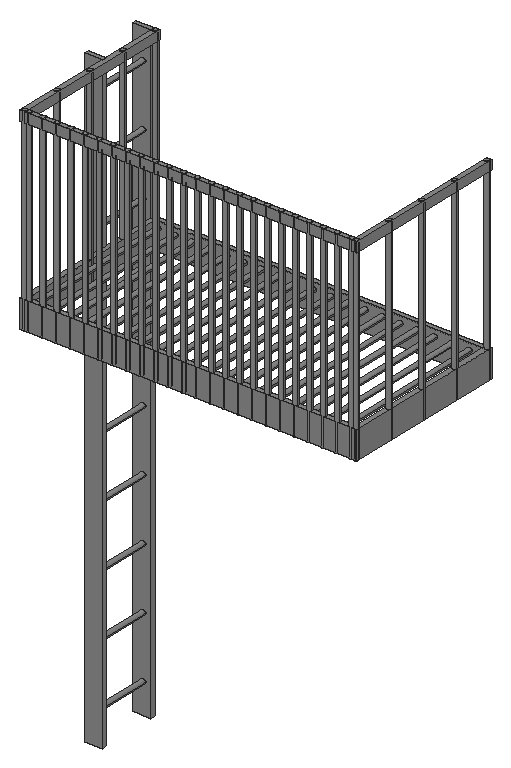
Revit family "Fire-Escape", category Security Devices, host Wall, Revit 2026
Family settings
  Host = Wall
  Round Connector Dimension = Use Diameter
  Part Type = Normal
  Classification Number = 23.30.70.24.11.11
  Always vertical = Yes
  Cut with Voids When Loaded = No
  Maintain Annotation Orientation = No
  Shared = No
  Room Calculation Point = No
Parameters
  railarrysd = Gross Depth / 0' 3"  # 5
  ladarry = (Ladder Length - 1' 0") / 1' 0"  # 10
  frntarry = Gross Width / 0' 3"  # 24
  flrarry = (Gross Width - 0' 2") / 0' 3 3/4"  # 19
  Warranty Duration (Years) = 1
  Test Data = ""
  Specification = "http://www.arcat.com/divs/sec/sec05500.shtml"
  Sales Information = ""
  Product Properties = "http://www.arcat.com/bim/bim_info.pl?fn=Fire-Escape"
  Product Data = "http://www.arcat.com/divs/sec/sec05500.shtml"
  Model = "Generic"  # constant formula
  Manufacturer Website = "http://www.arcat.com/"
  Manufacturer Phone - Toll Free = ""
  Manufacturer Phone = "(203) 929-9444"  # constant formula
  Manufacturer Fax = "(203) 929-2444"  # constant formula
  Manufacturer Email = "bim@arcat.com"  # constant formula
  Manufacturer Address = "1077 Bridgeport Ave, Shelton, CT  06484"  # constant formula
  Manufacturer = "Generic"  # constant formula
  Maintenance Schedule (Months) = 12
  Ladder Length = 11' - 0"
  Keynote = "05500"
  Installation-Fabrication = ""
  Installation Phase = ""
  Gross Width = 6' - 0"
  Gross Projection = 3' - 0"
  Gross Height = 3' - 6"
  Gross Depth = 1' - 3"
  Green Building-LEED = "http://www.arcat.com/green/green_building.shtml"
  Frame Material = ARCAT - Metal - Iron, Painted, Grey
  Expected Lifespan (Years) = 30
  Drawn By = "Robert S. Weygant, CSI, CDT, SCIP"  # constant formula
  Description = "Fire Escape"
  Default Elevation = 0' - 0"
  Copyright = "2008, ARCAT, Inc."  # constant formula
  Construction Details = "http://www.arcat.com/divs/sec/sec05500.shtml"
  Building Codes = ""
  Assembly Code = "D4090"
Reference planes (in)
  plane 1: y = -3.76668
  plane 2 "Center (Left/Right)": x = 0.0468
  plane 3 "Wall Edge": y = 2.23332
  plane 4 "Top": z = 42
  plane 5: z = 0
  plane 6 "Left": x = 36.0468
  plane 7 "Right": x = -35.9532
  plane 8: z = 21
  plane 9: y = -39.76668
  plane 10: y = 2.23332
Forms (in)
  Sweep 1, solid, material "ARCAT - Metal - Iron, Painted, Grey" <- "Frame Material"
    path origin (0, 0, 0) x (1, 0, 0) y (0, 1, 0)
      loop
        line (-35.9532, -3.76668) -> (-35.9532, -39.76668) -> (36.0468, -39.76668) -> (36.0468, -3.76668) -> (-35.9532, -3.76668)
    profile origin (-35.9532, -21.76668, 0) x (1, 0, 0) y (0, 0, 1)
      loop
        line (0, 0) -> (1, 0) -> (1, 6) -> (0, 6) -> (0, 0)
  Extrusion 2, solid, material "ARCAT - Metal - Iron, Painted, Grey" <- "Frame Material"
    sketch origin (12, 2.23332, 0) x (1, 0, 0) y (0, 0, 1)
      loop
        circle (-46.4532, 4.5) r 0.5
    from 7 to 41
  Extrusion 3, solid, material "ARCAT - Metal - Iron, Painted, Grey" <- "Frame Material"
    sketch origin (15.7, 2.23332, 0) x (1, 0, 0) y (0, 0, 1)
      loop
        circle (-46.4532, 4.5) r 0.5
    from 7 to 41
  Extrusion 4, solid, material "ARCAT - Metal - Iron, Painted, Grey" <- "Frame Material"
    sketch origin (19.4, 2.23332, 0) x (1, 0, 0) y (0, 0, 1)
      loop
        circle (-46.4532, 4.5) r 0.5
    from 7 to 41
  Extrusion 5, solid, material "ARCAT - Metal - Iron, Painted, Grey" <- "Frame Material"
    sketch origin (23.1, 2.23332, 0) x (1, 0, 0) y (0, 0, 1)
      loop
        circle (-46.4532, 4.5) r 0.5
    from 7 to 41
  Extrusion 6, solid, material "ARCAT - Metal - Iron, Painted, Grey" <- "Frame Material"
    sketch origin (26.8, 2.23332, 0) x (1, 0, 0) y (0, 0, 1)
      loop
        circle (-46.4532, 4.5) r 0.5
    from 7 to 41
  Extrusion 7, solid, material "ARCAT - Metal - Iron, Painted, Grey" <- "Frame Material"
    sketch origin (30.5, 2.23332, 0) x (1, 0, 0) y (0, 0, 1)
      loop
        circle (-46.4532, 4.5) r 0.5
    from 7 to 41
  Extrusion 8, solid, material "ARCAT - Metal - Iron, Painted, Grey" <- "Frame Material"
    sketch origin (34.2, 2.23332, 0) x (1, 0, 0) y (0, 0, 1)
      loop
        circle (-46.4532, 4.5) r 0.5
    from 7 to 41
  Extrusion 9, solid, material "ARCAT - Metal - Iron, Painted, Grey" <- "Frame Material"
    sketch origin (37.9, 2.23332, 0) x (1, 0, 0) y (0, 0, 1)
      loop
        circle (-46.4532, 4.5) r 0.5
    from 7 to 41
  Extrusion 10, solid, material "ARCAT - Metal - Iron, Painted, Grey" <- "Frame Material"
    sketch origin (41.6, 2.23332, 0) x (1, 0, 0) y (0, 0, 1)
      loop
        circle (-46.4532, 4.5) r 0.5
    from 7 to 41
  Extrusion 11, solid, material "ARCAT - Metal - Iron, Painted, Grey" <- "Frame Material"
    sketch origin (45.3, 2.23332, 0) x (1, 0, 0) y (0, 0, 1)
      loop
        circle (-46.4532, 4.5) r 0.5
    from 7 to 41
  Extrusion 12, solid, material "ARCAT - Metal - Iron, Painted, Grey" <- "Frame Material"
    sketch origin (49, 2.23332, 0) x (1, 0, 0) y (0, 0, 1)
      loop
        circle (-46.4532, 4.5) r 0.5
    from 7 to 41
  Extrusion 13, solid, material "ARCAT - Metal - Iron, Painted, Grey" <- "Frame Material"
    sketch origin (52.7, 2.23332, 0) x (1, 0, 0) y (0, 0, 1)
      loop
        circle (-46.4532, 4.5) r 0.5
    from 7 to 41
  Extrusion 14, solid, material "ARCAT - Metal - Iron, Painted, Grey" <- "Frame Material"
    sketch origin (56.4, 2.23332, 0) x (1, 0, 0) y (0, 0, 1)
      loop
        circle (-46.4532, 4.5) r 0.5
    from 7 to 41
  Extrusion 15, solid, material "ARCAT - Metal - Iron, Painted, Grey" <- "Frame Material"
    sketch origin (60.1, 2.23332, 0) x (1, 0, 0) y (0, 0, 1)
      loop
        circle (-46.4532, 4.5) r 0.5
    from 7 to 41
  Extrusion 16, solid, material "ARCAT - Metal - Iron, Painted, Grey" <- "Frame Material"
    sketch origin (63.8, 2.23332, 0) x (1, 0, 0) y (0, 0, 1)
      loop
        circle (-46.4532, 4.5) r 0.5
    from 7 to 41
  Extrusion 17, solid, material "ARCAT - Metal - Iron, Painted, Grey" <- "Frame Material"
    sketch origin (67.5, 2.23332, 0) x (1, 0, 0) y (0, 0, 1)
      loop
        circle (-46.4532, 4.5) r 0.5
    from 7 to 41
  Extrusion 18, solid, material "ARCAT - Metal - Iron, Painted, Grey" <- "Frame Material"
    sketch origin (71.2, 2.23332, 0) x (1, 0, 0) y (0, 0, 1)
      loop
        circle (-46.4532, 4.5) r 0.5
    from 7 to 41
  Extrusion 19, solid, material "ARCAT - Metal - Iron, Painted, Grey" <- "Frame Material"
    sketch origin (74.9, 2.23332, 0) x (1, 0, 0) y (0, 0, 1)
      loop
        circle (-46.4532, 4.5) r 0.5
    from 7 to 41
  Sweep 20, solid, material "ARCAT - Metal - Iron, Painted, Grey" <- "Frame Material"
    path origin (0, 0, 42) x (1, 0, 0) y (0, 1, 0)
      loop
        line (-35.9532, -3.76668) -> (-35.9532, -39.76668) -> (36.0468, -39.76668) -> (36.0468, -3.76668)
    profile origin (-35.9532, -21.76668, 42) x (1, 0, 0) y (0, 0, 1)
      loop
        line (0, 0) -> (0, -2) -> (1, -2) -> (1, 0) -> (0, 0)
  Extrusion 21, solid, material "ARCAT - Metal - Iron, Painted, Grey" <- "Frame Material"
    sketch origin (78.6, 2.23332, 0) x (1, 0, 0) y (0, 0, 1)
      loop
        circle (-46.4532, 4.5) r 0.5
    from 7 to 41
  Extrusion 22, solid, material "ARCAT - Metal - Iron, Painted, Grey" <- "Frame Material"
    sketch origin (0.00045, 0.17324, 0) x (1, 0, 0) y (0, 1, 0)
      loop
        circle (-35.45365, -4.43992) r 0.5
    from 0 to 42 <- "Gross Height"
  Extrusion 23, solid, material "ARCAT - Metal - Iron, Painted, Grey" <- "Frame Material"
    sketch origin (71.00045, 0.17324, 0) x (1, 0, 0) y (0, 1, 0)
      loop
        circle (-35.45365, -4.43992) r 0.5
    from 0 to 42 <- "Gross Height"
  Extrusion 24, solid, material "ARCAT - Metal - Iron, Painted, Grey" <- "Frame Material"
    sketch origin (0.00045, -34.82676, 0) x (1, 0, 0) y (0, 1, 0)
      loop
        circle (-35.45365, -4.43992) r 0.5
    from 0 to 42 <- "Gross Height"
  Extrusion 25, solid, material "ARCAT - Metal - Iron, Painted, Grey" <- "Frame Material"
    sketch origin (71.00045, -34.82676, 0) x (1, 0, 0) y (0, 1, 0)
      loop
        circle (-35.45365, -4.43992) r 0.5
    from 0 to 42 <- "Gross Height"
  Extrusion 26, solid, material "ARCAT - Metal - Iron, Painted, Grey" <- "Frame Material"
    sketch origin (0.00045, -8.57676, 0) x (1, 0, 0) y (0, 1, 0)
      loop
        circle (-35.45365, -4.43992) r 0.5
    from 0 to 42 <- "Gross Height"
  Extrusion 27, solid, material "ARCAT - Metal - Iron, Painted, Grey" <- "Frame Material"
    sketch origin (71.00045, -8.57676, 0) x (1, 0, 0) y (0, 1, 0)
      loop
        circle (-35.45365, -4.43992) r 0.5
    from 0 to 42 <- "Gross Height"
  Extrusion 28, solid, material "ARCAT - Metal - Iron, Painted, Grey" <- "Frame Material"
    sketch origin (0.00045, -17.32676, 0) x (1, 0, 0) y (0, 1, 0)
      loop
        circle (-35.45365, -4.43992) r 0.5
    from 0 to 42 <- "Gross Height"
  Extrusion 29, solid, material "ARCAT - Metal - Iron, Painted, Grey" <- "Frame Material"
    sketch origin (71.00045, -17.32676, 0) x (1, 0, 0) y (0, 1, 0)
      loop
        circle (-35.45365, -4.43992) r 0.5
    from 0 to 42 <- "Gross Height"
  Extrusion 30, solid, material "ARCAT - Metal - Iron, Painted, Grey" <- "Frame Material"
    sketch origin (0.00045, -26.07676, 0) x (1, 0, 0) y (0, 1, 0)
      loop
        circle (-35.45365, -4.43992) r 0.5
    from 0 to 42 <- "Gross Height"
  Extrusion 31, solid, material "ARCAT - Metal - Iron, Painted, Grey" <- "Frame Material"
    sketch origin (71.00045, -26.07676, 0) x (1, 0, 0) y (0, 1, 0)
      loop
        circle (-35.45365, -4.43992) r 0.5
    from 0 to 42 <- "Gross Height"
  Extrusion 32, solid, material "ARCAT - Metal - Iron, Painted, Grey" <- "Frame Material"
    sketch origin (1.00045, -34.81247, 0) x (1, 0, 0) y (0, 1, 0)
      loop
        circle (-35.45365, -4.43992) r 0.5
    from 0 to 42 <- "Gross Height"
  Extrusion 33, solid, material "ARCAT - Metal - Iron, Painted, Grey" <- "Frame Material"
    sketch origin (70.00066, -34.81247, 0) x (1, 0, 0) y (0, 1, 0)
      loop
        circle (-35.45365, -4.43992) r 0.5
    from 0 to 42 <- "Gross Height"
  Extrusion 34, solid, material "ARCAT - Metal - Iron, Painted, Grey" <- "Frame Material"
    sketch origin (4.00046, -34.81247, 0) x (1, 0, 0) y (0, 1, 0)
      loop
        circle (-35.45365, -4.43992) r 0.5
    from 0 to 42 <- "Gross Height"
  Extrusion 35, solid, material "ARCAT - Metal - Iron, Painted, Grey" <- "Frame Material"
    sketch origin (7.00047, -34.81247, 0) x (1, 0, 0) y (0, 1, 0)
      loop
        circle (-35.45365, -4.43992) r 0.5
    from 0 to 42 <- "Gross Height"
  Extrusion 36, solid, material "ARCAT - Metal - Iron, Painted, Grey" <- "Frame Material"
    sketch origin (10.00048, -34.81247, 0) x (1, 0, 0) y (0, 1, 0)
      loop
        circle (-35.45365, -4.43992) r 0.5
    from 0 to 42 <- "Gross Height"
  Extrusion 37, solid, material "ARCAT - Metal - Iron, Painted, Grey" <- "Frame Material"
    sketch origin (13.00049, -34.81247, 0) x (1, 0, 0) y (0, 1, 0)
      loop
        circle (-35.45365, -4.43992) r 0.5
    from 0 to 42 <- "Gross Height"
  Extrusion 38, solid, material "ARCAT - Metal - Iron, Painted, Grey" <- "Frame Material"
    sketch origin (16.0005, -34.81247, 0) x (1, 0, 0) y (0, 1, 0)
      loop
        circle (-35.45365, -4.43992) r 0.5
    from 0 to 42 <- "Gross Height"
  Extrusion 39, solid, material "ARCAT - Metal - Iron, Painted, Grey" <- "Frame Material"
    sketch origin (19.00051, -34.81247, 0) x (1, 0, 0) y (0, 1, 0)
      loop
        circle (-35.45365, -4.43992) r 0.5
    from 0 to 42 <- "Gross Height"
  Extrusion 40, solid, material "ARCAT - Metal - Iron, Painted, Grey" <- "Frame Material"
    sketch origin (22.00051, -34.81247, 0) x (1, 0, 0) y (0, 1, 0)
      loop
        circle (-35.45365, -4.43992) r 0.5
    from 0 to 42 <- "Gross Height"
  Extrusion 41, solid, material "ARCAT - Metal - Iron, Painted, Grey" <- "Frame Material"
    sketch origin (25.00052, -34.81247, 0) x (1, 0, 0) y (0, 1, 0)
      loop
        circle (-35.45365, -4.43992) r 0.5
    from 0 to 42 <- "Gross Height"
  Extrusion 42, solid, material "ARCAT - Metal - Iron, Painted, Grey" <- "Frame Material"
    sketch origin (28.00053, -34.81247, 0) x (1, 0, 0) y (0, 1, 0)
      loop
        circle (-35.45365, -4.43992) r 0.5
    from 0 to 42 <- "Gross Height"
  Extrusion 43, solid, material "ARCAT - Metal - Iron, Painted, Grey" <- "Frame Material"
    sketch origin (31.00054, -34.81247, 0) x (1, 0, 0) y (0, 1, 0)
      loop
        circle (-35.45365, -4.43992) r 0.5
    from 0 to 42 <- "Gross Height"
  Extrusion 44, solid, material "ARCAT - Metal - Iron, Painted, Grey" <- "Frame Material"
    sketch origin (34.00055, -34.81247, 0) x (1, 0, 0) y (0, 1, 0)
      loop
        circle (-35.45365, -4.43992) r 0.5
    from 0 to 42 <- "Gross Height"
  Extrusion 45, solid, material "ARCAT - Metal - Iron, Painted, Grey" <- "Frame Material"
    sketch origin (37.00056, -34.81247, 0) x (1, 0, 0) y (0, 1, 0)
      loop
        circle (-35.45365, -4.43992) r 0.5
    from 0 to 42 <- "Gross Height"
  Extrusion 46, solid, material "ARCAT - Metal - Iron, Painted, Grey" <- "Frame Material"
    sketch origin (40.00057, -34.81247, 0) x (1, 0, 0) y (0, 1, 0)
      loop
        circle (-35.45365, -4.43992) r 0.5
    from 0 to 42 <- "Gross Height"
  Extrusion 47, solid, material "ARCAT - Metal - Iron, Painted, Grey" <- "Frame Material"
    sketch origin (43.00058, -34.81247, 0) x (1, 0, 0) y (0, 1, 0)
      loop
        circle (-35.45365, -4.43992) r 0.5
    from 0 to 42 <- "Gross Height"
  Extrusion 48, solid, material "ARCAT - Metal - Iron, Painted, Grey" <- "Frame Material"
    sketch origin (46.00059, -34.81247, 0) x (1, 0, 0) y (0, 1, 0)
      loop
        circle (-35.45365, -4.43992) r 0.5
    from 0 to 42 <- "Gross Height"
  Extrusion 49, solid, material "ARCAT - Metal - Iron, Painted, Grey" <- "Frame Material"
    sketch origin (49.00059, -34.81247, 0) x (1, 0, 0) y (0, 1, 0)
      loop
        circle (-35.45365, -4.43992) r 0.5
    from 0 to 42 <- "Gross Height"
  Extrusion 50, solid, material "ARCAT - Metal - Iron, Painted, Grey" <- "Frame Material"
    sketch origin (52.0006, -34.81247, 0) x (1, 0, 0) y (0, 1, 0)
      loop
        circle (-35.45365, -4.43992) r 0.5
    from 0 to 42 <- "Gross Height"
  Extrusion 51, solid, material "ARCAT - Metal - Iron, Painted, Grey" <- "Frame Material"
    sketch origin (55.00061, -34.81247, 0) x (1, 0, 0) y (0, 1, 0)
      loop
        circle (-35.45365, -4.43992) r 0.5
    from 0 to 42 <- "Gross Height"
  Extrusion 52, solid, material "ARCAT - Metal - Iron, Painted, Grey" <- "Frame Material"
    sketch origin (58.00062, -34.81247, 0) x (1, 0, 0) y (0, 1, 0)
      loop
        circle (-35.45365, -4.43992) r 0.5
    from 0 to 42 <- "Gross Height"
  Extrusion 53, solid, material "ARCAT - Metal - Iron, Painted, Grey" <- "Frame Material"
    sketch origin (61.00063, -34.81247, 0) x (1, 0, 0) y (0, 1, 0)
      loop
        circle (-35.45365, -4.43992) r 0.5
    from 0 to 42 <- "Gross Height"
  Extrusion 54, solid, material "ARCAT - Metal - Iron, Painted, Grey" <- "Frame Material"
    sketch origin (64.00064, -34.81247, 0) x (1, 0, 0) y (0, 1, 0)
      loop
        circle (-35.45365, -4.43992) r 0.5
    from 0 to 42 <- "Gross Height"
  Extrusion 55, solid, material "ARCAT - Metal - Iron, Painted, Grey" <- "Frame Material"
    sketch origin (67.00065, -34.81247, 0) x (1, 0, 0) y (0, 1, 0)
      loop
        circle (-35.45365, -4.43992) r 0.5
    from 0 to 42 <- "Gross Height"
  Extrusion 56, solid, material "ARCAT - Metal - Iron, Painted, Grey" <- "Frame Material"
    sketch origin (0, 0, 42) x (1, 0, 0) y (0, 1, 0)
      loop
        line (-35.9532, -3.76668) -> (-39.9532, -3.76668) -> (-39.9532, -4.76668) -> (-35.9532, -4.76668) -> (-35.9532, -3.76668)
      loop
        line (-35.9532, -16.7851) -> (-39.7032, -16.7851) -> (-39.7032, -17.7851) -> (-35.9532, -17.7851) -> (-35.9532, -16.7851)
    from 0 to -132
  Extrusion 57, solid, material "ARCAT - Metal - Iron, Painted, Grey" <- "Frame Material"
    sketch origin (0, 2.23332, 0) x (1, 0, 0) y (0, 0, 1)
      loop
        circle (-37.6691, 35.5) r 0.5
    from 7 to 19.01842
  Extrusion 58, solid, material "ARCAT - Metal - Iron, Painted, Grey" <- "Frame Material"
    sketch origin (0, 2.23332, -119) x (1, 0, 0) y (0, 0, 1)
      loop
        circle (-37.6691, 35.5) r 0.5
    from 7 to 19.01842
  Extrusion 59, solid, material "ARCAT - Metal - Iron, Painted, Grey" <- "Frame Material"
    sketch origin (0, 2.23332, -13.22222) x (1, 0, 0) y (0, 0, 1)
      loop
        circle (-37.6691, 35.5) r 0.5
    from 7 to 19.01842
  Extrusion 60, solid, material "ARCAT - Metal - Iron, Painted, Grey" <- "Frame Material"
    sketch origin (0, 2.23332, -26.44444) x (1, 0, 0) y (0, 0, 1)
      loop
        circle (-37.6691, 35.5) r 0.5
    from 7 to 19.01842
  Extrusion 61, solid, material "ARCAT - Metal - Iron, Painted, Grey" <- "Frame Material"
    sketch origin (0, 2.23332, -39.66667) x (1, 0, 0) y (0, 0, 1)
      loop
        circle (-37.6691, 35.5) r 0.5
    from 7 to 19.01842
  Extrusion 62, solid, material "ARCAT - Metal - Iron, Painted, Grey" <- "Frame Material"
    sketch origin (0, 2.23332, -52.88889) x (1, 0, 0) y (0, 0, 1)
      loop
        circle (-37.6691, 35.5) r 0.5
    from 7 to 19.01842
  Extrusion 63, solid, material "ARCAT - Metal - Iron, Painted, Grey" <- "Frame Material"
    sketch origin (0, 2.23332, -66.11111) x (1, 0, 0) y (0, 0, 1)
      loop
        circle (-37.6691, 35.5) r 0.5
    from 7 to 19.01842
  Extrusion 64, solid, material "ARCAT - Metal - Iron, Painted, Grey" <- "Frame Material"
    sketch origin (0, 2.23332, -79.33333) x (1, 0, 0) y (0, 0, 1)
      loop
        circle (-37.6691, 35.5) r 0.5
    from 7 to 19.01842
  Extrusion 65, solid, material "ARCAT - Metal - Iron, Painted, Grey" <- "Frame Material"
    sketch origin (0, 2.23332, -92.55556) x (1, 0, 0) y (0, 0, 1)
      loop
        circle (-37.6691, 35.5) r 0.5
    from 7 to 19.01842
  Extrusion 66, solid, material "ARCAT - Metal - Iron, Painted, Grey" <- "Frame Material"
    sketch origin (0, 2.23332, -105.77778) x (1, 0, 0) y (0, 0, 1)
      loop
        circle (-37.6691, 35.5) r 0.5
    from 7 to 19.01842
Text (in)
  text "Interior" at (0, 40.15149, 123.01588), in view "A 203 - Side Elevation"
  text "Interior" at (-81.80403, 41.28885, 0), in view "A-101 Plan View"
  text "Interior" at (0, 81.62555, 140.59947), in view "Left"
  text "Exterior" at (-81.80403, -27.04218, 0), in view "A-101 Plan View"
  text "Exterior" at (0, -34.75086, 140.59947), in view "Left"
  text "Exterior" at (0, -52.24725, 123.01588), in view "A 203 - Side Elevation"
Dimensions and locks (in)
  locked: plane 3 "Wall Edge" to host wall
  equal spacing: plane 5, plane 8, plane 4 "Top"
  equal spacing: plane 7 "Right", plane 2 "Center (Left/Right)", plane 6 "Left"
  "Gross Width": plane 7 "Right" to plane 6 "Left"
  "Gross Projection": plane 9 to plane 1
  locked: Sweep 1 sketch curve to Sweep 1 sketch curve at 1
  locked: Sweep 1 sketch curve to Sweep 1 sketch curve at 6
  equal spacing: group 1, group 2, group 3, group 4, group 5, group 6, group 7, group 8, group 9, group 10, group 11, group 12, group 13, group 14, group 15, group 16, group 17, group 18, group 19  (x3)
  locked: Sweep 20 sketch curve to Sweep 20 sketch curve at 2
  equal spacing: Sweep 20 sketch curve, Sweep 20 sketch curve, host wall
  equal spacing: group 20, group 22, group 23, group 24, group 21  (x2)
  equal spacing: group 21, group 24, group 23, group 22, group 20
  equal spacing: group 25, group 27, group 28, group 29, group 30, group 31, group 32, group 33, group 34, group 35, group 36, group 37, group 38, group 39, group 40, group 41, group 42, group 43, group 44, group 45, group 46, group 47, group 48, group 26  (x3)
  plane 4 "Top" to Extrusion 57 sketch curve = 0' - 6"
  "Ladder Length": plane 4 "Top" to Extrusion 56
  equal spacing: group 49, group 51, group 52, group 53, group 54, group 55, group 56, group 57, group 58, group 50  (x2)
  equal spacing: group 50, group 58, group 57, group 56, group 55, group 54, group 53, group 52, group 51, group 49
  aligned and locked: plane 3 "Wall Edge" to plane 10
  aligned and locked: plane 1 to host wall
  aligned and locked: profile plane to Sweep 1 sketch curve
  aligned and locked: Sweep 1 sketch curve to profile plane
  aligned and locked: Extrusion 2 to Sweep 1  (x2)
  aligned and locked: Sweep 1 to plane 5
  aligned and locked: Sweep 20 sketch curve to plane 6 "Left"
  aligned and locked: Sweep 20 sketch curve to plane 9
  aligned and locked: Sweep 20 sketch curve to plane 7 "Right"
  aligned and locked: profile plane to Sweep 20 sketch curve
  aligned and locked: Sweep 20 sketch curve to profile plane  (x2)
  aligned and locked: Sweep 1 sketch curve to plane 7 "Right"
  aligned and locked: Sweep 1 to Extrusion 2
  aligned and locked: plane 6 "Left" to Extrusion 23
  aligned and locked: plane 7 "Right" to Extrusion 22
  aligned and locked: Extrusion 32 to Sweep 20
  aligned and locked: Extrusion 57 to Extrusion 56  (x2)
Automatic sketch dimensions
  Sweep 1 sketch curve to plane 7 "Right" = 0' - 0"
  Sweep 1 sketch curve to plane 1 = 0' - 0"
  Sweep 1 sketch curve to plane 6 "Left" = 0' - 0"
  Sweep 1 sketch curve to plane 9 = 0' - 0"
  Sweep 20 sketch curve to plane 1 = 0' - 0"  (x2)
  Sweep 20 sketch curve to profile plane = 0' - 1"
  Extrusion 56 sketch curve to host wall = 0' - 0"
  Extrusion 56 sketch curve to plane 7 "Right" = 0' - 0"  (x2)
  Extrusion 56 sketch curve to Extrusion 56 sketch curve = 0' - 3 3/4"
  host wall to Extrusion 56 sketch curve = 0' - 1"
  Extrusion 56 sketch curve to plane 7 "Right" = 0' - 4"
  Extrusion 56 sketch curve to Extrusion 56 sketch curve = 1' - 0.01842"
  Extrusion 56 sketch curve to Extrusion 56 sketch curve = 0' - 1"
  radius of Extrusion 2 sketch curve = 0' - 0 1/2"
  radius of Extrusion 3 sketch curve = 0' - 0 1/2"
  radius of Extrusion 4 sketch curve = 0' - 0 1/2"
  radius of Extrusion 5 sketch curve = 0' - 0 1/2"
  radius of Extrusion 6 sketch curve = 0' - 0 1/2"
  radius of Extrusion 7 sketch curve = 0' - 0 1/2"
  radius of Extrusion 8 sketch curve = 0' - 0 1/2"
  radius of Extrusion 9 sketch curve = 0' - 0 1/2"
  radius of Extrusion 10 sketch curve = 0' - 0 1/2"
  radius of Extrusion 11 sketch curve = 0' - 0 1/2"
  radius of Extrusion 12 sketch curve = 0' - 0 1/2"
  radius of Extrusion 13 sketch curve = 0' - 0 1/2"
  radius of Extrusion 14 sketch curve = 0' - 0 1/2"
  radius of Extrusion 15 sketch curve = 0' - 0 1/2"
  radius of Extrusion 16 sketch curve = 0' - 0 1/2"
  radius of Extrusion 17 sketch curve = 0' - 0 1/2"
  radius of Extrusion 18 sketch curve = 0' - 0 1/2"
  radius of Extrusion 19 sketch curve = 0' - 0 1/2"
  radius of Extrusion 21 sketch curve = 0' - 0 1/2"
  radius of Extrusion 22 sketch curve = 0' - 0 1/2"
  radius of Extrusion 23 sketch curve = 0' - 0 1/2"
  radius of Extrusion 24 sketch curve = 0' - 0 1/2"
  radius of Extrusion 25 sketch curve = 0' - 0 1/2"
  radius of Extrusion 26 sketch curve = 0' - 0 1/2"
  radius of Extrusion 27 sketch curve = 0' - 0 1/2"
  radius of Extrusion 28 sketch curve = 0' - 0 1/2"
  radius of Extrusion 29 sketch curve = 0' - 0 1/2"
  radius of Extrusion 30 sketch curve = 0' - 0 1/2"
  radius of Extrusion 31 sketch curve = 0' - 0 1/2"
  radius of Extrusion 32 sketch curve = 0' - 0 1/2"
  radius of Extrusion 33 sketch curve = 0' - 0 1/2"
  radius of Extrusion 34 sketch curve = 0' - 0 1/2"
  radius of Extrusion 35 sketch curve = 0' - 0 1/2"
  radius of Extrusion 36 sketch curve = 0' - 0 1/2"
  radius of Extrusion 37 sketch curve = 0' - 0 1/2"
  radius of Extrusion 38 sketch curve = 0' - 0 1/2"
  radius of Extrusion 39 sketch curve = 0' - 0 1/2"
  radius of Extrusion 40 sketch curve = 0' - 0 1/2"
  radius of Extrusion 41 sketch curve = 0' - 0 1/2"
  radius of Extrusion 42 sketch curve = 0' - 0 1/2"
  radius of Extrusion 43 sketch curve = 0' - 0 1/2"
  radius of Extrusion 44 sketch curve = 0' - 0 1/2"
  radius of Extrusion 45 sketch curve = 0' - 0 1/2"
  radius of Extrusion 46 sketch curve = 0' - 0 1/2"
  radius of Extrusion 47 sketch curve = 0' - 0 1/2"
  radius of Extrusion 48 sketch curve = 0' - 0 1/2"
  radius of Extrusion 49 sketch curve = 0' - 0 1/2"
  radius of Extrusion 50 sketch curve = 0' - 0 1/2"
  radius of Extrusion 51 sketch curve = 0' - 0 1/2"
  radius of Extrusion 52 sketch curve = 0' - 0 1/2"
  radius of Extrusion 53 sketch curve = 0' - 0 1/2"
  radius of Extrusion 54 sketch curve = 0' - 0 1/2"
  radius of Extrusion 55 sketch curve = 0' - 0 1/2"
  radius of Extrusion 57 sketch curve = 0' - 0 1/2"
  radius of Extrusion 58 sketch curve = 0' - 0 1/2"
  radius of Extrusion 59 sketch curve = 0' - 0 1/2"
  radius of Extrusion 60 sketch curve = 0' - 0 1/2"
  radius of Extrusion 61 sketch curve = 0' - 0 1/2"
  radius of Extrusion 62 sketch curve = 0' - 0 1/2"
  radius of Extrusion 63 sketch curve = 0' - 0 1/2"
  radius of Extrusion 64 sketch curve = 0' - 0 1/2"
  radius of Extrusion 65 sketch curve = 0' - 0 1/2"
  radius of Extrusion 66 sketch curve = 0' - 0 1/2"
